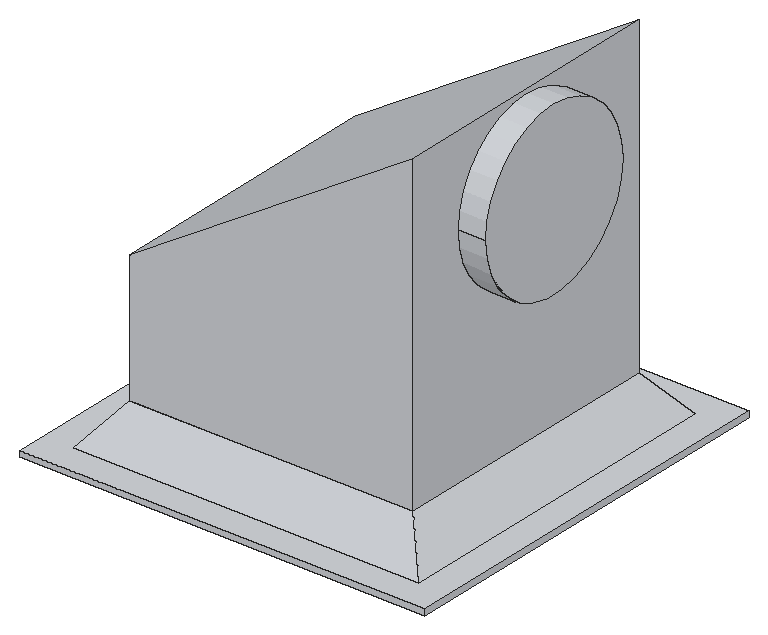
Revit family "Difusor de suprimento com Plenum truncado- Quadrado", category Terminais de ar, Revit 2019
Family settings
  Cota do conector redondo = Usar raio
  Tipo de parte = Normal
  ID de item do Seek = Supply Diffuser - Rectangular Face Round Neck-0000-CAN-ENU
  Com base no plano de trabalho = Não
  Sempre na vertical = Sim
  Corte com vazios quando carregada = Não
  Compartilhado = Não
  Ponto de cálculo do ambiente = Não
Parameters (values of type "Padrão")
  Deslocamento truncado = Raio do duto + 10 mm  # 85 mm
  Altura total = 318 mm
  Comprimento do macho de torneira = 25 mm
  Altura de conexão da torneira = 240 mm
  Queda de pressão [instance] = 0.0 Pa
  Largura da lâmina 4 = Largura da grelha * 4 / 5  # 284.8 mm
  Largura da lâmina 3 = Largura da grelha * 3 / 5  # 213.6 mm
  Largura da lâmina 2 = Largura da grelha * 2 / 5  # 142.4 mm
  Largura da lâmina 1 = Largura da grelha * 1 / 5  # 71.2 mm
  Largura da grelha = 356 mm
  Material do difusor = none
  Altura do difusor = 40 mm
  Largura do difusor = Largura do plenum + 55 mm  # 304 mm
  UpFlowArrow [instance] = yes
  Largura do plenum = 249 mm
  RightFlowArrow [instance] = yes
  LeftFlowArrow [instance] = yes
  Fluxo [instance] = 0.0 L/s
  Raio do duto = 75 mm
  Diâmetro do duto = Raio do duto * 2  # 150 mm
  DownFlowArrow [instance] = yes
  Assembly Code = ""
Reference planes
  plane 1 "Centro (frente/trás)": y = 0
  plane 2: z = 0
  plane 3 "Centro (direita/esquerda)": x = 0
  plane 4: x = 457.2
  plane 5: y = 457.2
  plane 6: x = -457.2
  plane 7: y = -457.2
  plane 8 "Face da grelha": z = -5
  plane 9 "Inferior": z = 0
  plane 10 "Topo do difusor": z = 35
  plane 11 "Esquerda da grelha": x = -178
  plane 12 "Direita da grelha": x = 178
  plane 13 "Traseira da grelha": y = 178
  plane 14 "Frente da grelha": y = -178
  plane 15 "Esquerda": x = -152
  plane 16 "Direita": x = 152
  plane 17 "Parte posterior": y = 152
  plane 18 "Parte frontal": y = -152
  plane 19 "Frente superior do difusor": y = -124.5
  plane 20 "Traseira superior do difusor": y = 124.5
  plane 21 "Direita superior do difusor": x = 124.5
  plane 22 "Esquerda superior do difusor": x = -124.5
  plane 23 "Direita da lâmina 4": x = 142.4
  plane 24 "Frente da lâmina 4": y = -142.4
  plane 25 "Traseira da lâmina 4": y = 142.4
  plane 26 "Esquerda da lâmina 4": x = -142.4
  plane 27 "Traseira da lâmina 3": y = 106.8
  plane 28 "Frente da lâmina 3": y = -106.8
  plane 29 "Esquerda da lâmina 3": x = -106.8
  plane 30 "Direita da lâmina 3": x = 106.8
  plane 31 "Traseira da lâmina 2": y = 71.2
  plane 32 "Frente da lâmina 2": y = -71.2
  plane 33 "Direita da lâmina 2": x = 71.2
  plane 34 "Esquerda da lâmina 2": x = -71.2
  plane 35 "Esquerda da lâmina 1": x = -35.6
  plane 36 "Direita da lâmina 1": x = 35.6
  plane 37 "Traseira a lâmina 1": y = 35.6
  plane 38 "Frente da lâmina 1": y = -35.6
  plane 39 "Superior": z = 313
  plane 40 "Altura da torneira d": z = 235
  plane 41 "Torneira direita": x = 149.5
  plane 42 "Torneira esquerda": x = -149.5
  plane 43 "Plenum truncado": z = 150
Forms (mm)
  Blend 1, solid, material <- "Material do difusor"
    base sketch origin (0, 0, 0) x (1, 0, 0) y (0, 1, 0)
      loop
        line (-152, 152) -> (-152, -152) -> (152, -152) -> (152, 152) -> (-152, 152)
    top sketch origin (0, 0, 0) x (1, 0, 0) y (0, 1, 0)
      loop
        line (-124.5, 124.5) -> (-124.5, -124.5) -> (124.5, -124.5) -> (124.5, 124.5) -> (-124.5, 124.5)
    from 0 to 35
  Extrusion 2, solid, material <- "Material do difusor"
    sketch origin (0, 0, 0) x (1, 0, 0) y (0, 1, 0)
      loop
        line (-178, 178) -> (-178, -178) -> (178, -178) -> (178, 178) -> (-178, 178)
    from 0 to -5
  Extrusion 3, solid, material <- "Material do difusor"
    sketch origin (124.5, 0, 0) x (0, 1, 0) y (0, 0, -1)
      loop
        circle (0, -235) r 75
    from 0 to -25
  Extrusion 4, solid, material <- "Material do difusor"
    sketch origin (0, -124.5, 0) x (-1, 0, 0) y (0, 0, -1)
      loop
        line (-124.5, -35) -> (-124.5, -313) -> (124.5, -150) -> (124.5, -35) -> (-124.5, -35)
    from 0 to -249
Lines and regions (mm)
  symbolic lines
    curve 1: line (-152, 152, 0) -> (152, 152, 0)
    curve 2: line (152, 152, 0) -> (152, -152, 0)
    curve 3: line (152, -152, 0) -> (-152, -152, 0)
    curve 4: line (-152, -152, 0) -> (-152, 152, 0)
    curve 5: line (-152, 152, 0) -> (152, -152, 0)
    curve 6: line (-152, -152, 0) -> (152, 152, 0)
  model lines
    curve 7: line (-35.6, 35.6, -5) -> (35.6, 35.6, -5)
    curve 8: line (-35.6, -35.6, -5) -> (-35.6, 35.6, -5)
    curve 9: line (35.6, -35.6, -5) -> (-35.6, -35.6, -5)
    curve 10: line (35.6, 35.6, -5) -> (35.6, -35.6, -5)
    curve 11: line (-71.2, 71.2, -5) -> (71.2, 71.2, -5)
    curve 12: line (-71.2, -71.2, -5) -> (-71.2, 71.2, -5)
    curve 13: line (71.2, -71.2, -5) -> (-71.2, -71.2, -5)
    curve 14: line (71.2, 71.2, -5) -> (71.2, -71.2, -5)
    curve 15: line (-106.8, 106.8, -5) -> (106.8, 106.8, -5)
    curve 16: line (-106.8, -106.8, -5) -> (-106.8, 106.8, -5)
    curve 17: line (106.8, -106.8, -5) -> (-106.8, -106.8, -5)
    curve 18: line (106.8, 106.8, -5) -> (106.8, -106.8, -5)
    curve 19: line (-142.4, 142.4, -5) -> (142.4, 142.4, -5)
    curve 20: line (-142.4, -142.4, -5) -> (-142.4, 142.4, -5)
    curve 21: line (142.4, -142.4, -5) -> (-142.4, -142.4, -5)
    curve 22: line (142.4, 142.4, -5) -> (142.4, -142.4, -5)
Dimensions and locks
  "Largura do difusor": nested 3 to plane 3 "Centro (direita/esquerda)"
  "Largura do difusor": nested 2 to plane 1 "Centro (frente/trás)"
  "Largura do difusor": plane 3 "Centro (direita/esquerda)" to nested 1
  "Largura do difusor": nested 4 to plane 1 "Centro (frente/trás)"
  locked: plane 9 "Inferior" to plane 8 "Face da grelha" at 5
  "Altura do difusor": plane 10 "Topo do difusor" to plane 8 "Face da grelha"
  equal spacing: plane 11 "Esquerda da grelha", plane 3 "Centro (direita/esquerda)", plane 12 "Direita da grelha"
  "Largura da grelha": plane 11 "Esquerda da grelha" to plane 12 "Direita da grelha"
  equal spacing: plane 13 "Traseira da grelha", plane 1 "Centro (frente/trás)", plane 14 "Frente da grelha"
  "Largura da grelha": plane 13 "Traseira da grelha" to plane 14 "Frente da grelha"
  equal spacing: plane 18 "Parte frontal", plane 1 "Centro (frente/trás)", plane 17 "Parte posterior"
  "Largura do difusor": plane 17 "Parte posterior" to plane 18 "Parte frontal"
  equal spacing: plane 15 "Esquerda", plane 3 "Centro (direita/esquerda)", plane 16 "Direita"
  "Largura do difusor": plane 15 "Esquerda" to plane 16 "Direita"
  equal spacing: plane 20 "Traseira superior do difusor", plane 1 "Centro (frente/trás)", plane 19 "Frente superior do difusor"
  "Largura do plenum": plane 20 "Traseira superior do difusor" to plane 19 "Frente superior do difusor"
  "Largura do plenum": plane 22 "Esquerda superior do difusor" to plane 21 "Direita superior do difusor"
  equal spacing: plane 22 "Esquerda superior do difusor", plane 3 "Centro (direita/esquerda)", plane 21 "Direita superior do difusor"
  equal spacing: plane 26 "Esquerda da lâmina 4", plane 3 "Centro (direita/esquerda)", plane 23 "Direita da lâmina 4"
  "Largura da lâmina 4": plane 26 "Esquerda da lâmina 4" to plane 23 "Direita da lâmina 4"
  equal spacing: plane 24 "Frente da lâmina 4", plane 1 "Centro (frente/trás)", plane 25 "Traseira da lâmina 4"
  "Largura da lâmina 4": plane 24 "Frente da lâmina 4" to plane 25 "Traseira da lâmina 4"
  equal spacing: plane 29 "Esquerda da lâmina 3", plane 3 "Centro (direita/esquerda)", plane 30 "Direita da lâmina 3"
  "Largura da lâmina 3": plane 29 "Esquerda da lâmina 3" to plane 30 "Direita da lâmina 3"
  equal spacing: plane 28 "Frente da lâmina 3", plane 1 "Centro (frente/trás)", plane 27 "Traseira da lâmina 3"
  "Largura da lâmina 3": plane 28 "Frente da lâmina 3" to plane 27 "Traseira da lâmina 3"
  equal spacing: plane 31 "Traseira da lâmina 2", plane 1 "Centro (frente/trás)", plane 32 "Frente da lâmina 2"
  "Largura da lâmina 2": plane 32 "Frente da lâmina 2" to plane 31 "Traseira da lâmina 2"
  equal spacing: plane 34 "Esquerda da lâmina 2", plane 3 "Centro (direita/esquerda)", plane 33 "Direita da lâmina 2"
  "Largura da lâmina 2": plane 34 "Esquerda da lâmina 2" to plane 33 "Direita da lâmina 2"
  equal spacing: plane 37 "Traseira a lâmina 1", plane 1 "Centro (frente/trás)", plane 38 "Frente da lâmina 1"
  "Largura da lâmina 1": plane 38 "Frente da lâmina 1" to plane 37 "Traseira a lâmina 1"
  equal spacing: plane 35 "Esquerda da lâmina 1", plane 3 "Centro (direita/esquerda)", plane 36 "Direita da lâmina 1"
  "Largura da lâmina 1": plane 35 "Esquerda da lâmina 1" to plane 36 "Direita da lâmina 1"
  "Altura total": plane 39 "Superior" to plane 8 "Face da grelha"
  "Altura de conexão da torneira": plane 40 "Altura da torneira d" to plane 8 "Face da grelha"
  "Comprimento do macho de torneira": plane 21 "Direita superior do difusor" to plane 41 "Torneira direita"
  "Comprimento do macho de torneira": plane 22 "Esquerda superior do difusor" to plane 42 "Torneira esquerda"
  "Deslocamento truncado": plane 40 "Altura da torneira d" to plane 43 "Plenum truncado"
  "Raio do duto": radius of Extrusion 3 sketch curve
  aligned and locked: curve 1 to Blend 1
  aligned and locked: curve 2 to Blend 1
  aligned and locked: curve 3 to Blend 1
  aligned and locked: curve 4 to Blend 1
  aligned and locked: plane 3 "Centro (direita/esquerda)" to nested 2
  aligned and locked: plane 1 "Centro (frente/trás)" to nested 1
  aligned and locked: nested 4 to plane 3 "Centro (direita/esquerda)"
  aligned and locked: nested 3 to plane 1 "Centro (frente/trás)"
  aligned and locked: plane 2 to plane 9 "Inferior"
  aligned and locked: plane 10 "Topo do difusor" to Blend 1
  aligned and locked: Extrusion 2 to plane 9 "Inferior"
  aligned and locked: Extrusion 2 to plane 8 "Face da grelha"
  aligned and locked: Extrusion 2 sketch curve to plane 13 "Traseira da grelha"
  aligned and locked: plane 11 "Esquerda da grelha" to Extrusion 2 sketch curve
  aligned and locked: plane 14 "Frente da grelha" to Extrusion 2 sketch curve
  aligned and locked: Extrusion 2 sketch curve to plane 12 "Direita da grelha"
  aligned and locked: Blend 1 sketch curve to plane 17 "Parte posterior"
  aligned and locked: plane 15 "Esquerda" to Blend 1 sketch curve
  aligned and locked: Blend 1 sketch curve to plane 18 "Parte frontal"
  aligned and locked: plane 16 "Direita" to Blend 1 sketch curve
  aligned and locked: Blend 1 sketch curve to plane 19 "Frente superior do difusor"
  aligned and locked: plane 22 "Esquerda superior do difusor" to Blend 1 sketch curve
  aligned and locked: Blend 1 sketch curve to plane 20 "Traseira superior do difusor"
  aligned and locked: plane 21 "Direita superior do difusor" to Blend 1 sketch curve
  aligned and locked: curve 20 to plane 26 "Esquerda da lâmina 4"
  aligned and locked: plane 25 "Traseira da lâmina 4" to curve 19
  aligned and locked: curve 22 to plane 23 "Direita da lâmina 4"
  aligned and locked: plane 24 "Frente da lâmina 4" to curve 21
  aligned and locked: curve 16 to plane 29 "Esquerda da lâmina 3"
  aligned and locked: plane 28 "Frente da lâmina 3" to curve 17
  aligned and locked: curve 18 to plane 30 "Direita da lâmina 3"
  aligned and locked: plane 27 "Traseira da lâmina 3" to curve 15
  aligned and locked: plane 32 "Frente da lâmina 2" to curve 13
  aligned and locked: curve 14 to plane 33 "Direita da lâmina 2"
  aligned and locked: plane 31 "Traseira da lâmina 2" to curve 11
  aligned and locked: curve 12 to plane 34 "Esquerda da lâmina 2"
  aligned and locked: curve 8 to plane 35 "Esquerda da lâmina 1"
  aligned and locked: plane 37 "Traseira a lâmina 1" to curve 7
  aligned and locked: curve 10 to plane 36 "Direita da lâmina 1"
  aligned and locked: plane 38 "Frente da lâmina 1" to curve 9
  aligned and locked: plane 40 "Altura da torneira d" to Extrusion 3 sketch curve
  aligned and locked: plane 1 "Centro (frente/trás)" to Extrusion 3 sketch curve
  aligned and locked: plane 21 "Direita superior do difusor" to Extrusion 3
  aligned and locked: plane 41 "Torneira direita" to Extrusion 3
  aligned and locked: plane 10 "Topo do difusor" to Extrusion 4 sketch curve
  aligned and locked: plane 39 "Superior" to Extrusion 4 sketch curve
  aligned and locked: plane 20 "Traseira superior do difusor" to Extrusion 4
  aligned and locked: Extrusion 4 to plane 20 "Traseira superior do difusor"
  aligned and locked: plane 19 "Frente superior do difusor" to Extrusion 4
  aligned and locked: Extrusion 4 to plane 22 "Esquerda superior do difusor"  (x2)
  aligned and locked: Extrusion 4 to plane 21 "Direita superior do difusor"
Automatic sketch dimensions
  plane 21 "Direita superior do difusor" to Extrusion 4 sketch curve = 0 mm
  Extrusion 4 sketch curve to plane 43 "Plenum truncado" = 0 mm
  Extrusion 4 sketch curve to plane 22 "Esquerda superior do difusor" = 0 mm
Nested families
  nested 1: "Seta do terminal do duto" at (304, 0, 0), visible <- "RightFlowArrow", type "Seta do terminal do duto"
  nested 2: "Seta do terminal do duto" at (0, 304, 0) x (0, 1, 0) z (0, 0, 1), visible <- "UpFlowArrow", type "Seta do terminal do duto"
  nested 3: "Seta do terminal do duto" at (-304, 0, 0) x (-1, 0, 0) z (0, 0, 1), visible <- "LeftFlowArrow", type "Seta do terminal do duto"
  nested 4: "Seta do terminal do duto" at (0, -304, 0) x (0, -1, 0) z (0, 0, 1), visible <- "DownFlowArrow", type "Seta do terminal do duto"
Connectors
  hvac at (149.5, 0, 235), driven by "Queda de pressão", driven by "Fluxo", driven by "Raio do duto"
    settings: on Extrusion 3, index 1, duct flow 0.0 L/s, flow factor 0, pres drop 0.0 Pa, loss coef 0, conn angle 0.00°, conn width 304.8 mm, conn height 304.8 mm, conn diameter 150 mm, duct sys type 1, conn prof type 0, flow config 1, flow direction 1, loss method 4, conn ref index -1, conn util no, is conn primary yes, conn desc "Entrada de ar"
Definition of nested family "Seta do terminal do duto"
  Parameters
    Largura = 600 mm
    Visibilidade 1 = yes
    Visibilidade 2 = no
    Comprimento 4 = (Meio comprimento 1 - Comprimento 5 * sin(20.00°) * 4) / 2  # 70.515 mm
    Comprimento 5 = Comprimento 2 * tan(20.00°)  # 116.199 mm
    Comprimento 3 = Comprimento 2 * 0.5  # 159.627 mm
    Comprimento 2 = Meio comprimento 1 / cos(20.00°)  # 319.253 mm
    Comprimento 1 = if(Altura > Largura, Altura, Largura)  # 600 mm
    Altura = 600 mm
    Meio comprimento 1 = Comprimento 1 * 0.5  # 300 mm
    Assembly Code = ""
  Reference planes
    plane 1 "Centro (Frente/Trás)": y = 0
    plane 2: z = 0
    plane 3 "Centro (Esquerda/Direita)": x = 0
  Lines and regions (mm)
    Filled region 1, type "Tijolo", in view "Nível de referência", visible <- "Visibilidade 1"
      outline origin (0, 0, 0) x (1, 0, 0) y (0, 1, 0)
        loop
          line (600, 0) -> (300, 109.191) -> (300, -109.191) -> (600, 0)
    Filled region 2, type "Preenchimento sólido - Preto", in view "Nível de referência", visible <- "Visibilidade 2"
      outline origin (0, 0, 0) x (1, 0, 0) y (0, 1, 0)
        loop
          line (-300, 109.191) -> (-300, -109.191) -> (0, 0) -> (-300, 109.191)
    detail lines, in view "Nível de referência", visible <- "Visibilidade 1"
      curve 1: line (0, 0, 0) -> (600, 0, 0)
      curve 2: line (600, 0, 0) -> (300, 109.191, 0)
      curve 3: line (600, 0, 0) -> (300, -109.191, 0)
      curve 4: line (300, 109.191, 0) -> (300, -109.191, 0)
    detail lines, in view "Nível de referência", visible <- "Visibilidade 2"
      curve 5: line (-300, 0, 0) -> (0, 0, 0)
      curve 6: line (0, 0, 0) -> (-300, 109.191, 0)
      curve 7: line (0, 0, 0) -> (-300, -109.191, 0)
      curve 8: line (-300, 109.191, 0) -> (-300, -109.191, 0)
      curve 9: line (-300, 0, 0) -> (-370.515, 0, 0)
      curve 10: line (-370.515, 0, 0) -> (-410.258, 109.191, 0)
      curve 11: line (-450, 0, 0) -> (-410.258, 109.191, 0)
      curve 12: line (-450, 0, 0) -> (-489.742, -109.191, 0)
      curve 13: line (-529.485, 0, 0) -> (-489.742, -109.191, 0)
      curve 14: line (-529.485, 0, 0) -> (-600, 0, 0)
  Dimensions and locks
    "Comprimento 1": curve 1 to curve 1
    "Comprimento 2": curve 2 to curve 2
    "Comprimento 2": curve 3 to curve 3
    "Meio comprimento 1": curve 5 to curve 5
    "Comprimento 2": curve 6 to curve 6
    "Comprimento 2": curve 7 to curve 7
    "Comprimento 4": curve 9 to curve 9
    "Comprimento 5": curve 10 to curve 10
    "Comprimento 5": curve 11 to curve 11
    "Comprimento 5": curve 12 to curve 12
    "Comprimento 5": curve 13 to curve 13
    "Comprimento 4": curve 14 to curve 14
    locked: curve 2 to curve 1 (angle 20.00°)
    locked: curve 6 to curve 5 (angle 20.00°)
    locked: curve 9 to curve 10 (angle 110.00°)
    locked: curve 11 to curve 12 (angle 180.00°)
    aligned and locked: plane 1 "Centro (Frente/Trás)" to curve 1
    aligned and locked: Filled region 1 sketch curve to curve 2
    aligned and locked: Filled region 1 sketch curve to curve 3
    aligned and locked: Filled region 1 sketch curve to curve 4
    aligned and locked: plane 1 "Centro (Frente/Trás)" to curve 5
    aligned and locked: plane 3 "Centro (Esquerda/Direita)" to curve 5
    aligned and locked: Filled region 2 sketch curve to curve 8
    aligned and locked: Filled region 2 sketch curve to curve 6
    aligned and locked: Filled region 2 sketch curve to curve 7
    aligned and locked: curve 14 to plane 1 "Centro (Frente/Trás)"
  Automatic sketch dimensions
    plane 1 "Centro (Frente/Trás)" to curve 12 = 0 mm
Types in the file's own list only (6): name | Deslocamento truncado | Altura total | Altura de conexão da torneira | Largura da lâmina 4 | Largura da lâmina 3 | Largura da lâmina 2 | Largura da lâmina 1 | Largura da grelha | Largura do difusor | Largura do plenum | Raio do duto | Diâmetro do duto
  356 x 356 | 73 mm | 318 mm | 231 mm | 285 mm | 214 mm | 142 mm | 71 mm | 356 mm | 359 mm | 304 mm | 63 mm | 125 mm
  412 x 412 | 85 mm | 428 mm | 328 mm | 330 mm | 247 mm | 165 mm | 82 mm | 412 mm | 415 mm | 360 mm | 75 mm | 150 mm
  468 x 468 | 110 mm | 428 mm | 303 mm | 374 mm | 281 mm | 187 mm | 94 mm | 468 mm | 471 mm | 416 mm | 100 mm | 200 mm
  498 x 498 | 110 mm | 450 mm | 325 mm | 398 mm | 299 mm | 199 mm | 100 mm | 498 mm | 501 mm | 446 mm | 100 mm | 200 mm
  598 x 598 | 160 mm | 550 mm | 375 mm | 478 mm | 359 mm | 239 mm | 120 mm | 598 mm | 601 mm | 546 mm | 150 mm | 300 mm
  623 x 623 | 160 mm | 550 mm | 375 mm | 498 mm | 374 mm | 249 mm | 125 mm | 623 mm | 626 mm | 571 mm | 150 mm | 300 mm
